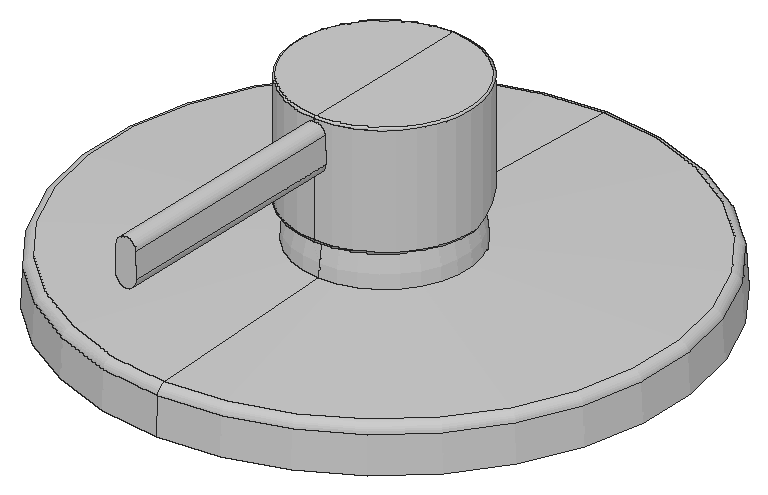
Revit family "Sanitary_Taps-mixers_hansgrohe_74616CHN-Zesis-S-Single-lever-shower-mixer_concealed-installation", category Plumbing Fixtures, host Face, Revit 2022
Family settings
  Host = Face
  Round Connector Dimension = Use Diameter
  Part Type = Normal
  OmniClass Number = 23.31.11.00
  OmniClass Title = Faucets
  Cut with Voids When Loaded = Yes
  Maintain Annotation Orientation = No
  Shared = No
  Room Calculation Point = No
Parameters (values of type "007 Chrome")
  Version = 1  # constant formula
  URL = "https://www.hansgrohe.com/"
  Product data url = "https://www.bimobject.com/en/hansgrohe/product/74616CHN"
  Product Page URL = "https://www.hansgrohe.com/articledetail--74616007"
  Model = "74616CHN"  # constant formula
  Material 1 = Hansgrohe - Metal - 007 Chrome
  Manufacturer = "Hansgrohe"  # constant formula
  Description = "Zesis S Single lever shower mixer for concealed installation"  # constant formula
  Default Elevation = 0 mm
  Date Updated = ""
  Date Created = "2024/12/16"  # constant formula
Reference planes
  plane 1 "Center (Front/Back)": y = 0
  plane 2: z = 0
  plane 3 "Center (Left/Right)": x = 0
Forms (mm)
  Revolve 1, solid, material "Hansgrohe - Metal - 007 Chrome" <- "Material 1", detail levels fine
    sketch origin (0, 0, 0) x (0, 1, 0) y (0, 0, 1)
      loop
        line (0, 0) -> (74.941, 0) -> (74.448, 9.406)
        arc (74.448, 9.406) -> (73.752, 11.01) -> (72.175, 11.765) r 2.5
        arc (72.175, 11.765) -> (36.124, 14.191) -> (0, 15) r 806.803
        line (0, 15) -> (0, 0)
      axis (0, 15) -> (0, 0)
    angle from 0 to 360
  Revolve 2, solid, material "Hansgrohe - Metal - 007 Chrome" <- "Material 1", detail levels fine
    sketch origin (0, 34.048, -4) x (0, 1, 0) y (0, 0, 1)
      loop
        line (-34.048, 8.388) -> (-12.298, 8.388) -> (-12.298, 15.388)
        arc (-12.298, 15.388) -> (-13.657, 25.86) -> (-17.645, 35.638) r 41.02
        line (-17.645, 35.638) -> (-34.048, 35.638) -> (-34.048, 8.388)
      axis (-34.048, 35.638) -> (-34.048, 8.388)
    angle from 0 to 360
  Extrusion 3, void
    sketch origin (0, 34.048, -4) x (0, 1, 0) y (0, 0, 1)
      loop
        line (0, 37.41) -> (-39.523, 25.326) -> (0, 25.326) -> (0, 37.41)
    from -25 to 25
  Revolve 4, solid, material "Hansgrohe - Metal - 007 Chrome" <- "Material 1", detail levels fine
    sketch origin (0, 34.048, -4) x (0, 1, 0) y (0, 0, 1)
      loop
        line (-34.048, 27) -> (-11.548, 27)
        arc (-11.548, 27) -> (-11.194, 27.146) -> (-11.048, 27.5) r 0.5
        line (-11.048, 27.5) -> (-11.048, 56.138)
        arc (-11.048, 56.138) -> (-11.194, 56.492) -> (-11.548, 56.638) r 0.5
        line (-11.548, 56.638) -> (-34.048, 56.638) -> (-34.048, 27)
      axis (-34.048, 56.638) -> (-34.048, 27)
    angle from 0 to 360
  Sweep 5, solid, material "Hansgrohe - Metal - 007 Chrome" <- "Material 1", detail levels fine
    path origin (0, 34.048, -4) x (0, 1, 0) y (0, 0, 1)
      loop
        line (-118.95, 49.596) -> (-33.95, 49.596)
    profile origin (0, -84.902, 45.596) x (0, 0, 1) y (1, 0, 0)
      loop
        line (-3.298, -2.749) -> (3.315, -2.634)
        arc (3.315, -2.634) -> (5.904, 0) -> (3.315, 2.634) r 2.634
        line (3.315, 2.634) -> (-3.298, 2.749)
        arc (-3.298, 2.749) -> (-6.096, 0) -> (-3.298, -2.749) r 2.75
  Revolve 6, solid, material "Hansgrohe - Metal - 007 Chrome" <- "Material 1", detail levels coarse+medium
    sketch origin (0, 0, 0) x (0, 1, 0) y (0, 0, 1)
      loop
        line (0, 0) -> (74.941, 0) -> (74.941, 15) -> (0, 15) -> (0, 0)
      axis (0, 15) -> (0, 0)
    angle from 0 to 360
  Revolve 7, solid, material "Hansgrohe - Metal - 007 Chrome" <- "Material 1", detail levels medium
    sketch origin (0, 34.048, -4) x (0, 1, 0) y (0, 0, 1)
      loop
        line (-34.048, 8.388) -> (-12.301, 8.388) -> (-12.301, 27) -> (-11.048, 27) -> (-11.048, 56.638) -> (-34.048, 56.638) -> (-34.048, 8.388)
      axis (-34.048, 56.638) -> (-34.048, 8.388)
    angle from 0 to 360
  Sweep 8, solid, material "Hansgrohe - Metal - 007 Chrome" <- "Material 1", detail levels coarse+medium
    path origin (0, 34.048, -4) x (0, 1, 0) y (0, 0, 1)
      loop
        line (-118.95, 49.596) -> (-33.95, 49.596)
    profile origin (0, -84.902, 45.596) x (0, 0, 1) y (1, 0, 0)
      loop
        line (-6.096, -2.749) -> (5.904, -2.749) -> (5.904, 2.749) -> (-6.096, 2.749) -> (-6.096, -2.749)
  Revolve 9, solid, material "Hansgrohe - Metal - 007 Chrome" <- "Material 1", detail levels coarse
    sketch origin (0, 34.048, -4) x (0, 1, 0) y (0, 0, 1)
      loop
        line (-34.048, 8.388) -> (-11.048, 8.388) -> (-11.048, 56.638) -> (-34.048, 56.638) -> (-34.048, 8.388)
      axis (-34.048, 56.638) -> (-34.048, 8.388)
    angle from 0 to 360
Cuts and joins
  Extrusion 3 cuts Revolve 4
  joined: Revolve 2, Revolve 4, Sweep 5
Lines and regions (mm)
  Masking region 1
    outline origin (0, 0, 0) x (0, 1, 0) y (0, 0, 1)
      loop
        arc (21.615, 14.71) -> (20.416, 21.766) -> (18.008, 28.506) r 41.02
        line (18.008, 28.506) -> (23, 30.032) -> (23, 52.138)
        arc (23, 52.138) -> (22.854, 52.492) -> (22.5, 52.638) r 0.5
        line (22.5, 52.638) -> (0, 52.638) -> (-23, 52.638) -> (-23, 51.5) -> (-84.902, 51.5) -> (-84.902, 39.5) -> (-23, 39.5) -> (-23, 22.995) -> (-20.074, 22.995)
        arc (-20.074, 22.995) -> (-21.058, 18.893) -> (-21.615, 14.71) r 41.02
        arc (-21.615, 14.71) -> (-46.918, 13.635) -> (-72.175, 11.765) r 806.803
        arc (-72.175, 11.765) -> (-73.752, 11.01) -> (-74.448, 9.406) r 2.5
        line (-74.448, 9.406) -> (-74.941, 0) -> (0, 0) -> (74.941, 0) -> (74.448, 9.406)
        arc (74.448, 9.406) -> (73.752, 11.01) -> (72.175, 11.765) r 2.5
        arc (72.175, 11.765) -> (46.918, 13.635) -> (21.615, 14.71) r 806.803
  Masking region 2
    outline origin (0, 0, 0) x (1, 0, 0) y (0, 0, 1)
      loop
        line (0, 52.638) -> (-22.5, 52.638)
        arc (-22.5, 52.638) -> (-22.854, 52.492) -> (-23, 52.138) r 0.5
        line (-23, 52.138) -> (-23, 23.5)
        arc (-23, 23.5) -> (-22.854, 23.146) -> (-22.5, 23) r 0.5
        line (-22.5, 23) -> (-20.072, 23)
        arc (-20.072, 23) -> (-21.057, 18.895) -> (-21.615, 14.71) r 41.02
        arc (-21.615, 14.71) -> (-46.918, 13.635) -> (-72.175, 11.765) r 806.803
        arc (-72.175, 11.765) -> (-73.752, 11.01) -> (-74.448, 9.406) r 2.5
        line (-74.448, 9.406) -> (-74.941, 0) -> (0, 0) -> (74.941, 0) -> (74.448, 9.406)
        arc (74.448, 9.406) -> (73.752, 11.01) -> (72.175, 11.765) r 2.5
        arc (72.175, 11.765) -> (46.918, 13.635) -> (21.615, 14.71) r 806.803
        arc (21.615, 14.71) -> (21.057, 18.895) -> (20.072, 23) r 41.02
        line (20.072, 23) -> (22.5, 23)
        arc (22.5, 23) -> (22.854, 23.146) -> (23, 23.5) r 0.5
        line (23, 23.5) -> (23, 52.138)
        arc (23, 52.138) -> (22.854, 52.492) -> (22.5, 52.638) r 0.5
        line (22.5, 52.638) -> (0, 52.638)
  Masking region 3
    outline origin (0, 0, 0) x (1, 0, 0) y (0, 1, 0)
      loop
        arc (2.75, -74.891) -> (0, 74.941) -> (-2.75, -74.891) r 74.941
        line (-2.75, -74.891) -> (-2.75, -84.902) -> (2.75, -84.902) -> (2.75, -74.891)
  symbolic lines, detail levels medium+fine
    curve 1: line (0, -0.015, 22.995) -> (0, -20.074, 22.995)
    curve 2: line (0, 18.008, 28.506) -> (0, -0.015, 22.995)
    curve 3: line (0, -23, 39.5) -> (0, -23, 51.5)
    curve 4: arc (0, -21.615, 14.71) -> (0, 0, 15) -> (0, 21.615, 14.71) r 806.803
    curve 5: circle (0, 0, 0) r 23 normal (0, 0, 1)
    curve 6: line (-2.75, -74.936, 0) -> (-2.75, -22.835, 0)
    curve 7: line (2.75, -74.891, 0) -> (2.75, -22.835, 0)
    curve 8: spline (0, 0, 30.045) -> (2.925, 0, 29.972) -> (5.795, 0, 29.792) -> (8.566, 0, 29.51) -> (11.195, 0, 29.128) -> (13.64, 0, 28.653) -> (15.863, 0, 28.092) -> (17.829, 0, 27.455) -> (19.508, 0, 26.751) -> (20.873, 0, 25.991) -> (21.902, 0, 25.188) -> (22.58, 0, 24.353) -> (22.896, 0, 23.499)
    curve 9: spline (20.051, 0, 23) -> (19.71, 0, 23.729) -> (19.064, 0, 24.44) -> (18.123, 0, 25.123) -> (16.901, 0, 25.766) -> (15.417, 0, 26.36) -> (13.693, 0, 26.896) -> (11.756, 0, 27.366) -> (9.636, 0, 27.763) -> (7.365, 0, 28.08) -> (4.977, 0, 28.312) -> (2.51, 0, 28.457) -> (0, 0, 28.512)
    curve 10: arc (21.615, 0, 14.71) -> (0, 0, 15) -> (-21.615, 0, 14.71) r 806.803
    curve 11: spline (0, 0, 30.045) -> (-2.925, 0, 29.972) -> (-5.795, 0, 29.792) -> (-8.566, 0, 29.51) -> (-11.195, 0, 29.128) -> (-13.64, 0, 28.653) -> (-15.863, 0, 28.092) -> (-17.829, 0, 27.455) -> (-19.508, 0, 26.751) -> (-20.873, 0, 25.991) -> (-21.902, 0, 25.188) -> (-22.58, 0, 24.353) -> (-22.896, 0, 23.499)
    curve 12: spline (-20.051, 0, 23) -> (-19.71, 0, 23.729) -> (-19.064, 0, 24.44) -> (-18.123, 0, 25.123) -> (-16.901, 0, 25.766) -> (-15.417, 0, 26.36) -> (-13.693, 0, 26.896) -> (-11.756, 0, 27.366) -> (-9.636, 0, 27.763) -> (-7.365, 0, 28.08) -> (-4.977, 0, 28.312) -> (-2.51, 0, 28.457) -> (0, 0, 28.512)
Dimensions and locks
  aligned and locked: plane 2 to host face
  aligned and locked: level to host face
